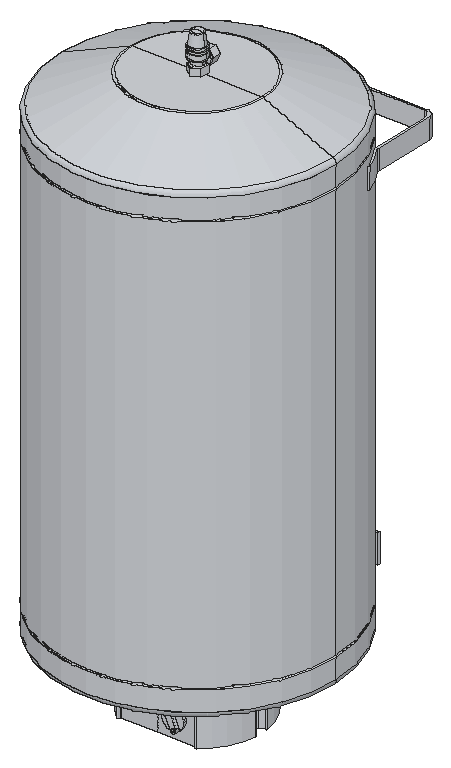
Revit family "VP953", category Generic Models, Revit 2013
Parameters (values of type "Zip Varipoint III_ model_VP953")
  Wireless (WIFI) = "No"
  Weekly Maintenance (or SFG20 Codes) = ""
  Warranty ID = "Zip Heaters (UK) Ltd warrants that, should any part fail within 12 calendar months of installation"
  Tap Clearance = "N/A"
  Tap Finish = "N/A"
  Shipping Weight = "N/A"
  Responsible Sourcing of Materials = ""
  Responsible Extraction of Materials = ""
  Quarterly Maintenance (or SFG20 Codes) = ""
  Overall Length/Depth/Circumference = "300"
  WRAS Approved = "Yes"
  Power Supply (Voltage) = "230 (V~)"
  URL = "www.zipindustries.co.uk"
  Type Comments = "Direct unvented water heater"
  Supply Phase = "1"
  Shape = "Cylindrical"
  O&M Manual (Manufacturer O&M Data) = ""
  Monthly Maintenance (or SFG20 Codes) = ""
  Max. Stored Water Temperature = ""
  Material Ingredient Reporting = ""
  Maintenance Required 8001-12000hrs (Maintenance required in this time frame) = ""
  Maintenance Required 601-1000hrs (Maintenance tasks required in this time frame) = ""
  Maintenance Required 40001-8000hrs (Maintenance tasks required in this time frame) = ""
  Maintenance Required 301-600hrs (Maintenance Tasks required in this time frame) = ""
  Maintenance Required 2001-4000hrs (Maintenance tasks required in this time frame) = ""
  Maintenance Required 1001-2000hrs (Maintenance tasks required in this time frame) = ""
  Maintenance Required 0-300hrs (Maintenance Tasks required in this time frame) = ""
  Location of Manufacturer = ""
  Life Cycle Analysis = ""
  Heat Up Time = "141mins"
  Programmable Safety Features = "No"
  Programmable Function Parameters = "No"
  Product Range = "Wall Mounted"
  Overall Width = "300"
  Overall Height = "440"
  Type = "Direct unvented water heater"
  Net Weight = "33.0kg"
  Internal Filter (if fitted) = "No"
  Gross Weight (When Full) = "134.0kg"
  Green Guide for Specification = ""
  Model = "VP953"
  Standby Power Loss (idle mode) = "Not Known"
  Nominal Flow Rate (Boiling) = "N/A"
  Volume Dispensed per hour = "N/A"
  Expected Life = ""
  Environmental Product Declaration = ""
  Energy Technology List = ""
  Embodied Carbon = ""
  Daily Maintenance (or SFG20 Codes) = ""
  Cable Length and size (If Fitted) = ""
  Single Instance Draw off Volume = "N/A"
  Recovery Volume per Minute = "N/A"
  Mains Water Connection = "1/2\" BSP"
  Manufacturer = "Zip Industries(UK) Ltd"
  Keynote = ""
  Mains Water Pressure _ Minimum = "N/A"
  Mains Water Pressure _ Maximum = "0.55 Mpa"
  Mains Pressure Limiting Valve = "offered as accessory"
  Enclosure Rating = "IP24"
  Button Interface = "No"
  Bespoke Timeframe Maintenance (or SFG20 Codes) = ""
  Base Unit Finish = "White powder coated"
  Backflow Prevention Valve = "N/A"
  Tank Construction Material = "The inner vessel is constructed from heavy guage copper and pressure tested to 1.2 MPa (12 bar)."
  Tank Thickness = "N/A"
  Insulation Material = "Heat losses are minimised by the high efficiency CFC free polyurethane foam insulation."
  Power Rating = "2.755kW"
  Capacity = "100.0 L"
  Features = ""
  External Material = "The casing is constructed of Steel"
  Description = ""
  Control Thermostat Range = "35°C ~  75°C"
  BMS Links = "No"
  Assembly Code = ""
  Unit Access Clearance right = "N/A"
  Unit Access Clearance Top = "250mm"
  Unit Access Clearance Rear = "N/A"
  Unit Access Clearance Left = "N/A"
  Unit Access Clearance Front = "N/A"
  Unit Access Clearance Bottom = "400mm"
  Annually Maintenance (or SFG20 Codes) = ""
  6 Monthly Maintenance (or SFG20 Codes) = ""
Reference planes
  plane 1 "Center (Front/Back)": y = 0
  plane 2: z = 0
  plane 3 "Center (Left/Right)": x = 0
  plane 4 "BOX LEFT": x = -117.5
  plane 5 "WW": x = -49.998
Forms (mm)
  Revolve 1, solid
    sketch origin (0, 0, 454.198) x (1, 0, 0) y (0, 0, 1)
      loop
        line (0, 476.802) -> (0, -454.198) -> (112.878, -454.198)
        arc (112.878, -454.198) -> (114.831, -453.984) -> (116.704, -453.385) r 9.81
        line (116.704, -453.385) -> (236.435, -401.325)
        arc (236.435, -401.325) -> (240.85, -397.651) -> (242.505, -392.151) r 9.969
        line (242.505, -392.151) -> (242.505, -357.151)
        arc (242.505, -357.151) -> (241.003, -355.648) -> (242.505, -354.146) r 1.503
        line (242.505, -354.146) -> (242.505, 376.732)
        arc (242.505, 376.732) -> (241.001, 378.237) -> (242.505, 379.741) r 1.505
        line (242.505, 379.741) -> (242.505, 414.741)
        arc (242.505, 414.741) -> (240.866, 420.225) -> (236.49, 423.914) r 10.011
        line (236.49, 423.914) -> (116.912, 475.953)
        arc (116.912, 475.953) -> (114.959, 476.587) -> (112.917, 476.802) r 9.822
        line (112.917, 476.802) -> (0, 476.802)
      axis (0, -454.198) -> (0, 476.802)
    angle from 0 to 360
  Extrusion 2, solid
    sketch origin (0, 0, 0) x (-1, 0, 0) y (0, -1, 0)
      loop
        arc (123.731, -208.565) -> (128.319, -202.26) -> (126.96, -194.581) r 9.962
        line (126.96, -194.581) -> (73.998, -113.276)
        arc (73.998, -113.276) -> (65.038, -104.253) -> (53.228, -99.54) r 31.297
        arc (53.228, -99.54) -> (-2.097, -112.858) -> (-56.888, -97.494) r 112.878
        arc (-56.888, -97.494) -> (-68.842, -101.533) -> (-78.019, -110.191) r 29.537
        line (-78.019, -110.191) -> (-134.061, -189.714)
        arc (-134.061, -189.714) -> (-135.736, -197.217) -> (-131.596, -203.695) r 10.008
        arc (-131.596, -203.695) -> (-4.625, -242.461) -> (123.731, -208.565) r 242.505
    from 0 to 60.073
  Revolve 3, solid
    sketch origin (0, 194.623, 454.198) x (0, 0, 1) y (-1, 0, 0)
      loop
        line (-453.339, 40.3) -> (-479.198, 40.3) -> (-479.198, 38.561) -> (-453.339, 38.561) -> (-453.339, 40.3)
      axis (-479.198, 30) -> (-453.339, 30)
    angle from 0 to 360
  Revolve 4, solid
    sketch origin (0, 194.623, 454.198) x (0, 0, 1) y (1, 0, 0)
      loop
        line (-453.339, 40.3) -> (-479.198, 40.3) -> (-479.198, 38.561) -> (-453.339, 38.561) -> (-453.339, 40.3)
      axis (-479.198, 30) -> (-453.339, 30)
    angle from 0 to 360
  Extrusion 5, solid
    sketch origin (0, 0, 0) x (-1, 0, 0) y (0, -1, 0)
      loop
        arc (-112.083, -13.367) -> (-74.942, -84.41) -> (0, -112.878) r 112.878
        arc (0, -112.878) -> (74.942, -84.41) -> (112.083, -13.367) r 112.878
        arc (112.083, -13.367) -> (111.528, -12.514) -> (110.675, -11.959) r 2.456
        line (110.675, -11.959) -> (99.488, -8.107)
        arc (99.488, -8.107) -> (98.194, -7.04) -> (97.917, -5.387) r 2.394
        line (97.917, -5.387) -> (97.917, 0) -> (97.917, 5.387)
        arc (97.917, 5.387) -> (98.194, 7.04) -> (99.488, 8.107) r 2.394
        line (99.488, 8.107) -> (110.675, 11.959)
        arc (110.675, 11.959) -> (111.528, 12.514) -> (112.083, 13.367) r 2.456
        arc (112.083, 13.367) -> (98.301, 55.482) -> (69.369, 89.047) r 112.878
        arc (69.369, 89.047) -> (67.479, 89.096) -> (66.519, 87.467) r 1.863
        arc (66.519, 87.467) -> (66.274, 86.876) -> (65.684, 86.632) r 0.836
        line (65.684, 86.632) -> (0, 86.632) -> (-65.684, 86.632)
        arc (-65.684, 86.632) -> (-66.274, 86.876) -> (-66.519, 87.467) r 0.836
        arc (-66.519, 87.467) -> (-67.479, 89.096) -> (-69.369, 89.047) r 1.863
        arc (-69.369, 89.047) -> (-98.301, 55.482) -> (-112.083, 13.367) r 112.878
        arc (-112.083, 13.367) -> (-111.528, 12.514) -> (-110.675, 11.959) r 2.456
        line (-110.675, 11.959) -> (-99.488, 8.107)
        arc (-99.488, 8.107) -> (-98.194, 7.04) -> (-97.917, 5.387) r 2.394
        line (-97.917, 5.387) -> (-97.917, 0) -> (-97.917, -5.387)
        arc (-97.917, -5.387) -> (-98.194, -7.04) -> (-99.488, -8.107) r 2.394
        line (-99.488, -8.107) -> (-110.675, -11.959)
        arc (-110.675, -11.959) -> (-111.528, -12.514) -> (-112.083, -13.367) r 2.456
    from -66.794 to 0
  Revolve 6, solid
    sketch origin (0, 0, 454.198) x (1, 0, 0) y (0, 0, 1)
      loop
        line (0, 541.049) -> (0, 513.502) -> (13.063, 513.502)
        arc (13.063, 513.502) -> (14.628, 514.007) -> (15.298, 515.509) r 2.018
        line (15.298, 515.509) -> (15.298, 519.056)
        arc (15.298, 519.056) -> (15.006, 519.76) -> (14.303, 520.052) r 0.995
        line (14.303, 520.052) -> (13.418, 520.052) -> (10.479, 539.946)
        arc (10.479, 539.946) -> (10.139, 540.588) -> (9.44, 540.787) r 0.924
        arc (9.44, 540.787) -> (4.721, 540.931) -> (0, 541.049) r 884.549
      axis (0, 513.502) -> (0, 541.049)
    angle from 0 to 360
  Revolve 7, solid
    sketch origin (0, 0, 454.198) x (1, 0, 0) y (0, 0, 1)
      loop
        line (0, 513.502) -> (0, 511.302) -> (15.3, 511.302) -> (15.3, 513.502) -> (0, 513.502)
      axis (0, 511.302) -> (0, 513.502)
    angle from 0 to 360
  Revolve 8, solid
    sketch origin (0, 0, 454.198) x (1, 0, 0) y (0, 0, 1)
      loop
        line (0, 511.302) -> (0, 488.402) -> (12.101, 488.402)
        arc (12.101, 488.402) -> (10.672, 488.994) -> (10.08, 490.423) r 2.021
        line (10.08, 490.423) -> (10.08, 497.19)
        arc (10.08, 497.19) -> (10.683, 498.646) -> (12.139, 499.249) r 2.059
        line (12.139, 499.249) -> (13.447, 499.249)
        arc (13.447, 499.249) -> (14.912, 499.856) -> (15.519, 501.322) r 2.073
        line (15.519, 501.322) -> (15.519, 509.26)
        arc (15.519, 509.26) -> (14.921, 510.704) -> (13.478, 511.302) r 2.042
        line (13.478, 511.302) -> (0, 511.302)
      axis (0, 488.402) -> (0, 511.302)
    angle from 0 to 360
  Extrusion 9, solid
    sketch origin (0, 0, 931) x (-1, 0, 0) y (0, -1, 0)
      loop
        line (-0.719, -15.483) -> (13.049, -8.365) -> (13.769, 7.119) -> (0.719, 15.483) -> (-13.049, 8.365) -> (-13.769, -7.119) -> (-0.719, -15.483)
    from 0 to 11.6
  Revolve 10, solid
    sketch origin (0, 0, 454.198) x (0, 1, 0) y (0, 0, 1)
      loop
        line (19, 493.313) -> (19, 503.707)
        arc (19, 503.707) -> (17.151, 504.293) -> (16.002, 505.855) r 3.131
        line (16.002, 505.855) -> (14.854, 505.855) -> (11.645, 500.719)
        arc (11.645, 500.719) -> (9.891, 499.566) -> (7.816, 499.249) r 4.917
        arc (7.816, 499.249) -> (4.905, 499.267) -> (2.001, 499.084) r 42.353
        arc (2.001, 499.084) -> (0.612, 498.568) -> (0, 497.218) r 1.926
        line (0, 497.218) -> (0, 493.313) -> (19, 493.313)
      axis (19, 493.313) -> (0, 493.313)
    angle from 0 to 360
  Extrusion 11, solid
    sketch origin (0, 194.623, 454.198) x (0, 0, 1) y (-1, 0, 0)
      loop
        circle (493.425, 0) r 7.673
      loop
        line (480.789, 6.163) -> (481.77, -7.862) -> (494.406, -14.025) -> (506.062, -6.163) -> (505.081, 7.862) -> (492.445, 14.025) -> (480.789, 6.163)
    from 162.743 to 175.623
  Extrusion 12, solid
    sketch origin (0, 0, 90) x (1, 0, 0) y (0, 1, 0)
      loop
        arc (0, 246.739) -> (-30.369, 244.864) -> (-60.202, 238.883) r 223.546
        arc (-60.202, 238.883) -> (-61.564, 238.983) -> (-62.56, 239.917) r 2.05
        line (-62.56, 239.917) -> (-69.023, 250.953)
        arc (-69.023, 250.953) -> (-69.779, 251.692) -> (-70.807, 251.942) r 2.002
        line (-70.807, 251.942) -> (-117.002, 251.942) -> (-117.002, 247.942) -> (-72.838, 247.942)
        arc (-72.838, 247.942) -> (-71.577, 247.662) -> (-70.552, 246.876) r 2.984
        line (-70.552, 246.876) -> (-64.295, 236.191)
        arc (-64.295, 236.191) -> (-62.242, 234.651) -> (-59.705, 235.041) r 3.312
        arc (-59.705, 235.041) -> (-30.097, 240.828) -> (0, 242.889) r 242.118
        arc (0, 242.889) -> (30.097, 240.828) -> (59.705, 235.041) r 242.118
        arc (59.705, 235.041) -> (62.242, 234.651) -> (64.295, 236.191) r 3.312
        line (64.295, 236.191) -> (70.552, 246.876)
        arc (70.552, 246.876) -> (71.577, 247.662) -> (72.838, 247.942) r 2.984
        line (72.838, 247.942) -> (117.002, 247.942) -> (117.002, 251.942) -> (70.807, 251.942)
        arc (70.807, 251.942) -> (69.779, 251.692) -> (69.023, 250.953) r 2.002
        line (69.023, 250.953) -> (62.56, 239.917)
        arc (62.56, 239.917) -> (61.564, 238.983) -> (60.202, 238.883) r 2.05
        arc (60.202, 238.883) -> (30.369, 244.864) -> (0, 246.739) r 223.546
    from 0 to 49
  Extrusion 13, solid
    sketch origin (0, 0, 786) x (1, 0, 0) y (0, 1, 0)
      loop
        arc (0, 245.53) -> (-23.609, 244.51) -> (-46.914, 240.599) r 192.124
        arc (-46.914, 240.599) -> (-55.961, 241.546) -> (-62.501, 247.868) r 13.951
        arc (-62.501, 247.868) -> (-68.786, 260.985) -> (-82.651, 265.384) r 18.314
        line (-82.651, 265.384) -> (-188.974, 265.384)
        arc (-188.974, 265.384) -> (-199.978, 261.378) -> (-205.833, 251.237) r 17.12
        line (-205.833, 251.237) -> (-205.833, 139.201)
        arc (-205.833, 139.201) -> (-206.182, 136.555) -> (-207.203, 134.09) r 10.223
        arc (-207.203, 134.09) -> (-219.356, 113.96) -> (-228.498, 92.296) r 163.566
        arc (-228.498, 92.296) -> (-227.412, 89.739) -> (-224.855, 90.824) r 1.964
        arc (-224.855, 90.824) -> (-215.017, 112.145) -> (-203.163, 132.414) r 242.511
        arc (-203.163, 132.414) -> (-201.925, 135.397) -> (-201.843, 138.625) r 8.821
        line (-201.843, 138.625) -> (-201.843, 243.625)
        arc (-201.843, 243.625) -> (-197.445, 255.709) -> (-186.308, 262.139) r 18.8
        line (-186.308, 262.139) -> (-82.013, 262.139)
        arc (-82.013, 262.139) -> (-72.013, 258.3) -> (-67.15, 248.756) r 14.945
        arc (-67.15, 248.756) -> (-63.899, 240.809) -> (-56.888, 235.853) r 15.345
        arc (-56.888, 235.853) -> (-28.638, 240.836) -> (0, 242.505) r 246.637
        arc (0, 242.505) -> (28.638, 240.836) -> (56.888, 235.853) r 246.637
        arc (56.888, 235.853) -> (63.899, 240.809) -> (67.15, 248.756) r 15.345
        arc (67.15, 248.756) -> (72.013, 258.3) -> (82.013, 262.139) r 14.945
        line (82.013, 262.139) -> (186.308, 262.139)
        arc (186.308, 262.139) -> (197.445, 255.709) -> (201.843, 243.625) r 18.8
        line (201.843, 243.625) -> (201.843, 138.625)
        arc (201.843, 138.625) -> (201.925, 135.397) -> (203.163, 132.414) r 8.821
        arc (203.163, 132.414) -> (215.017, 112.145) -> (224.855, 90.824) r 242.511
        arc (224.855, 90.824) -> (227.412, 89.739) -> (228.498, 92.296) r 1.964
        arc (228.498, 92.296) -> (219.356, 113.96) -> (207.203, 134.09) r 163.566
        arc (207.203, 134.09) -> (206.182, 136.555) -> (205.833, 139.201) r 10.223
        line (205.833, 139.201) -> (205.833, 251.237)
        arc (205.833, 251.237) -> (199.978, 261.378) -> (188.974, 265.384) r 17.12
        line (188.974, 265.384) -> (82.651, 265.384)
        arc (82.651, 265.384) -> (68.786, 260.985) -> (62.501, 247.868) r 18.314
        arc (62.501, 247.868) -> (55.961, 241.546) -> (46.914, 240.599) r 13.951
        arc (46.914, 240.599) -> (23.609, 244.51) -> (0, 245.53) r 192.124
    from 0 to 35
  Revolve 14, solid
    sketch origin (0, 0, 114.604) x (1, 0, 0) y (0, 1, 0)
      loop
        line (83.863, 264.782) -> (83.863, 261.782) -> (90.999, 261.782) -> (90.999, 239.924) -> (91.982, 238.942) -> (93.875, 238.942) -> (93.875, 261.782) -> (93.875, 264.782) -> (83.863, 264.782)
      axis (93.875, 238.942) -> (93.875, 264.782)
    angle from 0 to 360
  Revolve 15, solid
    sketch origin (0, 0, 114.604) x (1, 0, 0) y (0, 1, 0)
      loop
        line (-83.863, 264.782) -> (-93.875, 264.782) -> (-93.875, 261.782) -> (-93.875, 238.942) -> (-91.982, 238.942) -> (-90.999, 239.924) -> (-90.999, 261.782) -> (-83.863, 261.782) -> (-83.863, 264.782)
      axis (-93.875, 238.942) -> (-93.875, 264.782)
    angle from 0 to 360
  Extrusion 16, solid
    sketch origin (0, -86.632, 454.198) x (0, 0, 1) y (1, 0, 0)
      loop
        circle (-487.791, 29.876) r 19.072
    from 0 to -5
  Extrusion 17, solid
    sketch origin (0, -86.632, 454.198) x (0, 0, 1) y (1, 0, 0)
      loop
        arc (-498.973, 39.981) -> (-505.507, 37.278) -> (-502.803, 30.744) r 5
        line (-502.803, 30.744) -> (-476.939, 20.019)
        arc (-476.939, 20.019) -> (-470.405, 22.722) -> (-473.108, 29.256) r 5
        line (-473.108, 29.256) -> (-498.973, 39.981)
    from 0 to -11
  Extrusion 18, solid
    sketch origin (0, -86.632, 454.198) x (0, 0, 1) y (1, 0, 0)
      loop
        circle (-500.728, 35.309) r 2.522
    from 0 to -11.037
  Extrusion 19, solid
    sketch origin (0, -86.632, 454.198) x (0, 0, 1) y (1, 0, 0)
      loop
        circle (-487.991, -30.063) r 5
    from 0 to -1.391
Dimensions and locks
  aligned and locked: level to plane 2
Connectors
  piping at (0, 31.88, 947.624)
    settings: on Extrusion 11, index 4, connector radius 7.5 mm, flow factor 0, pipe flow 0.0 L/s, pressure drop 0.0 Pa, fitting loss kfactor 0, connector angle 0.00°, fixture units 0, engagement length 0 mm, flow configuration 0, flow direction 2, fitting loss method 0, system type 22, joint type 0, gender type 0, connector reference index -1, connector utility 0, adjustable connector no, is connector primary yes, fitting loss table "", connector description ""
  piping at (30, 194.623, -25)
    settings: on Revolve 4, index 5, connector radius 7.5 mm, flow factor 0, pipe flow 0.0 L/s, pressure drop 0.0 Pa, fitting loss kfactor 0, connector angle 0.00°, fixture units 0, engagement length 0 mm, flow configuration 0, flow direction 1, fitting loss method 0, system type 20, joint type 0, gender type 0, connector reference index -1, connector utility 0, adjustable connector no, is connector primary no, fitting loss table "", connector description ""
  piping at (-30, 194.623, -25)
    settings: on Revolve 3, index 6, connector radius 7.5 mm, flow factor 0, pipe flow 0.0 L/s, pressure drop 0.0 Pa, fitting loss kfactor 0, connector angle 0.00°, fixture units 0, engagement length 0 mm, flow configuration 0, flow direction 2, fitting loss method 0, system type 19, joint type 0, gender type 0, connector reference index -1, connector utility 0, adjustable connector no, is connector primary no, fitting loss table "", connector description ""
